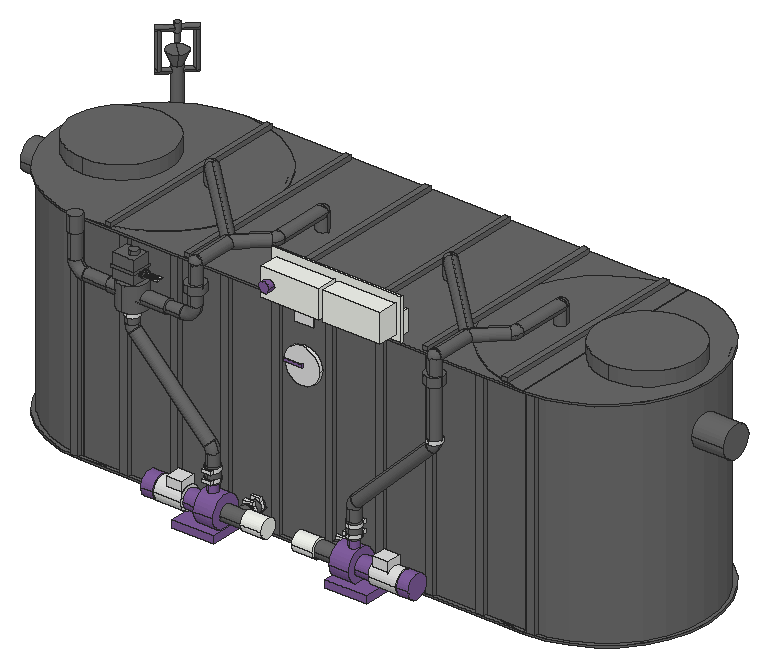
Revit family "93020.01_pvs 0", category Generic Models, Revit 2021
Family settings
  Can host rebar = No
  Round Connector Dimension = Use Diameter
  Part Type = Normal
  Work Plane-Based = No
  Always vertical = Yes
  Cut with Voids When Loaded = No
  Shared = Yes
  Room Calculation Point = No
Parameters (values of type "93020.01_PVS")
  SUPPLIER = "KESSEL"
  SA810ID03 = "93020.01/PVS"
  SA71009ID06 = 3000 W
  SA71009ID05 = 3600 W
  SA71009ID04 = 2
  SA700ID17 = 1100 mm
  SA700ID14 = "ohne Angabe"
  SA700ID13 = 70 mm
  SA700ID09 = 1525 mm
  SA700ID08 = 1350 mm
  SA700ID07 = 4250 mm
  SA700ID06 = 2000
  SA700ID05 = 20
  SA700ID04 = "Grease separator EasyClean free NS 20, Auto Mix & Pump"
  SA500ID03 = "Sludge trap, integrated"
  SA400ID03 = "PE (Polyethylen)"
  SA250ID03 = "temperierte Umhausung"
  SA200ID03 = "free-standing set-up"
  SA100ID04 = "Abscheideranlage für Fette (Schlammfang und Fettabscheider)"
  NN = "EasyClean, Auto Mix & Pump grease separator"
  NBSYN = "$SA810ID03. $LODLEVEL."
  NB = "93020.01/PVS 0"
  Model = "93020.01/PVS"
  Manufacturer = "KESSEL"
  MIdent = "{$CADENAS_DATA/23d-libs/kessel/kessel_vdi_import/40/abscheideranlage20fuer20fette/easyclean_free_auto_mix_pump.prj},231 {STYP=ASS},{VTYP=3D},{NB=93020.01/PVS 0},{LINA=93020.01/PVS},{NN=EasyClean, Auto Mix & Pump grease separator},{DATE=20.12.2022 10:10:54},{GEOMDATE=17.11.2022 09:57:06},{VERSION=},{LINEID=120},{WBVAR=LODLEVEL},{WBNUMERIC=LODLEVEL}  {NB=93020.01/PVS 0},{LINA=93020.01/PVS},{KT=DUMMY},{PREVIEW=../../bilder/pb_yy_9302001pvs_7491.png},{SA700ID04=Fettabscheider EasyClean free NS 20, Auto Mix & Pump},{SA810ID06=},{SA010ID04=KESSEL AG},{SA810ID03=93020.01/PVS},{SA100ID04=Abscheideranlage für Fette (Schlammfang und Fettabscheider)},{SA200ID03=Freiaufstellung},{SA400ID03=PE (Polyethylen)},{SA500ID03=Schlammfang integriert},{SA700ID05=20.00},{SA700ID06=2000},{SA71009ID04=2},{SA71009ID05=3.60},{SA71009ID06=3.00},{SA250ID03=temperierte Umhausung},{SA700ID07=4250},{SA700ID09=1525},{SA700ID13=70},{SA700ID17=1100},{SA700ID08=1350},{SA810ID10=\\\"Der Abscheider für fetthaltiges Abwasser ist für die freie Aufstellung in frostgeschützten Räumen geeignet und verzichtet auf metallische Bauteile im Behälter. Der Sammelbehälter aus dauerhaft beständigem Kunststoff (PE) ist mit einem integrierten Schlammfang ausgestattet und besitzt Schrägen im Behälterboden für eine schnelle und saubere Entsorgung. Zwei geruchsdichte Deckel mit Schnellspannverschlüssen ermöglichen einen einfachen Zugang für Reinigungs- und Wartungsarbeiten.Das innovative Schredder-Mix-System mit integriertem Zerhacker übernimmt die Homogenisierung und Umwälzung des Behälterinhaltes. Die Reinigung und geruchsneutrale Entsorgung erfolgt dabei über eine außenliegende Pumpe mit 2-Wege-Ventil und Stellmotor, die mit einem Absperrschieber vom Behälter getrennt werden kann.Der vollautomatische Programmablauf wird durch ein anwenderfreundliches Schaltgerät mit mehrzeiliger Displayanzeige gesteuert, das über einen potentialfreien Kontakt in die Gebäudeleittechnik eingebunden werden kann. Über eine optional erhältliche Fernbedienung kann die Reinigung und Entsorgung von einer entfernten Stelle aus gestartet werden.Durch das individualisierbare Reinigungsprogramm mit Schnellwahlfunktion kann die Reinigung bedarfsgerecht an die örtlichen Gegebenheiten angepasst werden. Mithilfe einer vollautomatisierten Spülung der Trinkwasserleitungen kann die Einhaltung der Trinkwasser-Hygiene-Verordnung gewährleistet werden.Gewährleistung auf den Werkstoff PE 20 Jahre.Ausführung:Absperreinrichtung: jaEntsorgungsart: automatisches Entsorgungs- und ReinigungssystemEntsorgungseinrichtung: EntsorgungspumpeEntsorgungsvariante: Auto Mix & PumpFülleinrichtung nach DIN 1988: jaNenngröße (NS): 20Schauglas: jaSchredder-Mix-System: jaSonicControl: neinWasserversorgung: 2 Magnetventile 1\\\"\\\"Tragfähigkeit (DIN 19901): F3Lieferumfang: Storz-B-Kupplung R 2 1/2 \\\"\\\" für SaugwagenanschlussEinbausituation: freie AufstellungAllgemeine Merkmale:Material: PENorm: EN 1825: 2004, DIN 4040-100Abmessungen:Aufstellfläche Länge: 4.510 mmAufstellfläche Breite: 1.620 mmAufstellfläche Höhe: 1.555 mmEinbringmaß Länge: 4.250 mmEinbringmaß Breite: 1.350 mmEinbringmaß Höhe: 1.525 mmBehälter/Grundkörper:Zulauf Nennweite (DN): 200 mmZulauf Nennweite (DA): 200 mmAuslauf Nennweite (DN): 200Auslauf Nennweite (DA): 200Abstand Rohrsohle Zulauf zu Behälterboden: 1.100 mmAbstand Rohrsohle Auslauf zu Behälterboden: 1.030 mmAnschluss Zu-/Auslaufstutzen: PE-HD-Rohre nach DIN 19537, HT-Rohre nach DIN 19560, PP oder ASDruckabgang (DA): 75 mmDruckabgang (DN): 65 mmNenndruck (PN): 10Abdeckungsmerkmale:Abdeckungsart: DeckelAbdeckung Material: KunststoffAbdeckung Farbe: schwarzDichtheit: geruchsdichtVerriegelung: SchnellspannverschlussAbwasserinhalt:Abscheiderinhalt: 1.370 lGesamtvolumen: 3.370 lSchlammfanginhalt: 2.000 lSpeichermenge an Fett: 800 lFördereinrichtung:Pumpe: SPF 300 KE 2.0Anzahl Pumpen: 2Förderhöhe max.: 17 mFörderleistung max.: 60 m3/hBetriebsspannung: 400 VNetzfrequenz: 50 HzBetriebsart: S2 - 30 Min.Leistung P1: 3,6 kWLeistung P2: 3 kWDrehzahl: 2.850 U/minErforderliche Absicherung (Leitungsschutz): Absicherung über Schaltgerät 400 VFörderguttemperatur (dauerhaft) max.: 40 °CAnschlusstyp: DirektanschlussGewicht: 44 kgLaufrad Typ: Radiallaufrad mit ZerhackerLänge Netzanschlussleitung Pumpe: 5 mNennstrom: 6,2 ASchutzart Pumpe: IP 55Schutzklasse: ITyp Anschlussleitung Pumpe: H07RN-F 7G 1,5 mm2Temperaturüberwachung: integriertSteuerung:Schaltgerät: jaBetriebsspannung: 400 VNetzfrequenz: 50 HzSelbstdiagnosesystem (SDS): jaBatteriepufferung: neinMehrzeilige Displayanzeige: jaLogbuchfunktion: jaUSB-Schnittstelle: jaGSM-Schnittstelle: neinPotentialfreier Kontakt: jaErforderliche Absicherung (Leitungsschutz): C 16 AErforderliche Absicherung (RCD): 30 mAMotorschutz Schalter: jaSchutzart Schaltgerät: IP 54\\\"},{SA700ID14=ohne Angabe},{LODLEVEL=0},{CATEGORY3AA=EasyClean free Auto Mix & Pump},{CATEGORY3AB=},{CATEGORY3AC=},{CATEGORY3AD=},{CATEGORY3AE=},{CATEGORY3AF=},{BEZEICHNUNG=},{BREITE=0.0},{TIEFE=MIN},{HOEHE=MIN},{MASSE=MIN},{LOD_=0,'Low'},{LOD_DEU=0,'Low'},{LOD_3DB=93020.01/PVS_0},{DNIN1=200},{DNIN2=10},{DNIN3=10},{DNIN4=10},{DNIN5=10},{DNIN6=10},{DNIN7=10},{DNOUT1=200},{DNOUT2=MIN},{ISD=100},{ISD2=10},{SA960ID03=91},{SA960ID04=3L},{SA960ID08=http://www.kessel.de/info?han=93020.01/PVS},{SA010ID01=010},{SA010ID02=40},{SA010ID06=www.kessel.de},{SA010ID08=4026092000007},{SA100ID01=100},{SA100ID02=1},{SA740ID01=740},{SA200ID01=200},{SA200ID02=1},{SA250ID01=250},{SA250ID02=1},{SA400ID01=400},{SA400ID02=1},{SA500ID01=500},{SA500ID02=1},{SA700ID01=700},{SA700ID02=91},{SA700ID14_=0},{SA71009ID01=710.09},{SA71009ID02=1},{SA71009ID03=SPF 300 KE 2.0},{SA71009ID07=IP55},{SA71009ID08=1},{SA71009ID09=1},{SA71009ID10=60},{SA71009ID11=17},{SA810ID01=810},{SA810ID02=91},{SA810ID04=93020.01/PVS},{SA810ID07=91},{SA810ID14=PCE},{LINK=http://www.kessel.de/info?han=93020.01/PVS},{LINK_=http://www.kessel.de/info?han=93020.01/PVS},{LINK_DEU=http://www.kessel.de/info?han=93020.01/PVS}"
  LINK = "http://www.kessel.de/info?han=93020.01/PVS"
  LINA = "93020.01/PVS"
  Default Elevation = 0 mm
  CREATOR = "CADENAS GmbH"
  CATALOG = "KESSEL"
  BOMINFO = "LINA"
  ARTICLENO = "NB"
Reference planes
  plane 1 "Center (Front/Back)": y = 0
  plane 2: z = 0
  plane 3 "Center (Left/Right)": x = 0
Dimensions and locks
  aligned and locked: level to plane 2
Nested families
  nested 1: "93020.01_pvs 0_content" at (0, 0, 0), type "93020.01_PVS 0_Content"
  nested 2: "93020.01_pvs 0_part1_X0Y0" at (0, 0, 0), type "93020.01_PVS_PART1_X0Y0"
Connectors
  piping at (-2305, 0, 1200), diameter 200
    settings: on nested 2, index 1, connector inside diameter 609.6 mm, connector length 0 mm, flow factor 0, pipe flow 0.0 L/s, pressure drop 0.0 Pa, fitting loss kfactor 0, connector angle 0.00°, fixture units 0, engagement length 0 mm, angle of deflection 0.00°, flow configuration 0, flow direction 1, fitting loss method 2, system type 8, joint type 0, gender type 0, connector reference index -1, connector utility 0, adjustable connector no, is connector primary yes, connector description ""
  piping at (-1885.228, 660.772, 1832.25), diameter 10
    settings: on nested 2, index 2, connector inside diameter 609.6 mm, connector length 0 mm, flow factor 0, pipe flow 0.0 L/s, pressure drop 0.0 Pa, fitting loss kfactor 0, connector angle 0.00°, fixture units 0, engagement length 0 mm, angle of deflection 0.00°, flow configuration 0, flow direction 1, fitting loss method 2, system type 8, joint type 0, gender type 0, connector reference index -1, connector utility 0, adjustable connector no, is connector primary no, connector description ""
  piping at (2305, 0, 1130), diameter 200
    settings: on nested 2, index 3, connector inside diameter 609.6 mm, connector length 0 mm, flow factor 0, pipe flow 0.0 L/s, pressure drop 0.0 Pa, fitting loss kfactor 0, connector angle 0.00°, fixture units 0, engagement length 0 mm, angle of deflection 0.00°, flow configuration 0, flow direction 2, fitting loss method 2, system type 7, joint type 0, gender type 0, connector reference index -1, connector utility 0, adjustable connector no, is connector primary no, connector description ""
  electrical at (670.003, -819.5, 248.5)
    settings: on nested 2, index 4, voltage 0 V, apparent load 0 VA, apparent load phase1 0 VA, apparent load phase2 0 VA, apparent load phase3 0 VA, power factor 1, load classification "Other", number of poles 1, system type 31, power factor state 1, is connector primary yes, connector utility no, sub classification motor no, connector description ""
  electrical at (-680.003, -820.5, 248.5)
    settings: on nested 2, index 5, voltage 0 V, apparent load 0 VA, apparent load phase1 0 VA, apparent load phase2 0 VA, apparent load phase3 0 VA, power factor 1, load classification "Other", number of poles 1, system type 31, power factor state 1, is connector primary no, connector utility no, sub classification motor no, connector description ""
Definition of nested family "93020.01_pvs 0_part1_X0Y0"
  Parameters (values of type "93020.01_PVS_PART1_X0Y0")
    SUPPLIER = "KESSEL"
    SA810ID03 = "93020.01/PVS"
    SA71009ID06 = 3000 W
    SA71009ID05 = 3600 W
    SA71009ID04 = 2
    SA700ID17 = 1100 mm
    SA700ID14 = "ohne Angabe"
    SA700ID13 = 70 mm
    SA700ID09 = 1525 mm
    SA700ID08 = 1350 mm
    SA700ID07 = 4250 mm
    SA700ID06 = 2000
    SA700ID05 = 20
    SA700ID04 = "Grease separator EasyClean free NS 20, Auto Mix & Pump"
    SA500ID03 = "Sludge trap, integrated"
    SA400ID03 = "PE (Polyethylen)"
    SA250ID03 = "temperierte Umhausung"
    SA200ID03 = "free-standing set-up"
    SA100ID04 = "Abscheideranlage für Fette (Schlammfang und Fettabscheider)"
    NBSYN = "$SA810ID03. $LODLEVEL._PART1"
    NB = "93020.01/PVS 0_PART1"
    Model = "93020.01/PVS_PART1"
    Manufacturer = "KESSEL"
    MIdent = "{$CADENAS_DATA/23d-libs/kessel/kessel_vdi_import/40/abscheideranlage20fuer20fette/easyclean_free_auto_mix_pump.prj},251 {VTYP=3D},{NB=93020.01/PVS 0_PART1},{LINA=93020.01/PVS_PART1},{NN=EasyClean, Auto Mix & Pump grease separator_PART1},{NOPRJ=TRUE},{DATE=20.12.2022 10:10:54},{GEOMDATE=17.11.2022 09:57:06},{VERSION=},{LINEID=120},{WBVAR=LODLEVEL},{WBNUMERIC=LODLEVEL}  {NB=93020.01/PVS 0_PART1},{LINA=93020.01/PVS_PART1},{KT=DUMMY},{PREVIEW=../../bilder/pb_yy_9302001pvs_7491.png},{SA700ID04=Fettabscheider EasyClean free NS 20, Auto Mix & Pump},{SA810ID06=},{SA010ID04=KESSEL AG},{SA810ID03=93020.01/PVS},{SA100ID04=Abscheideranlage für Fette (Schlammfang und Fettabscheider)},{SA200ID03=Freiaufstellung},{SA400ID03=PE (Polyethylen)},{SA500ID03=Schlammfang integriert},{SA700ID05=20.00},{SA700ID06=2000},{SA71009ID04=2},{SA71009ID05=3.60},{SA71009ID06=3.00},{SA250ID03=temperierte Umhausung},{SA700ID07=4250},{SA700ID09=1525},{SA700ID13=70},{SA700ID17=1100},{SA700ID08=1350},{SA810ID10=\\\"Der Abscheider für fetthaltiges Abwasser ist für die freie Aufstellung in frostgeschützten Räumen geeignet und verzichtet auf metallische Bauteile im Behälter. Der Sammelbehälter aus dauerhaft beständigem Kunststoff (PE) ist mit einem integrierten Schlammfang ausgestattet und besitzt Schrägen im Behälterboden für eine schnelle und saubere Entsorgung. Zwei geruchsdichte Deckel mit Schnellspannverschlüssen ermöglichen einen einfachen Zugang für Reinigungs- und Wartungsarbeiten.Das innovative Schredder-Mix-System mit integriertem Zerhacker übernimmt die Homogenisierung und Umwälzung des Behälterinhaltes. Die Reinigung und geruchsneutrale Entsorgung erfolgt dabei über eine außenliegende Pumpe mit 2-Wege-Ventil und Stellmotor, die mit einem Absperrschieber vom Behälter getrennt werden kann.Der vollautomatische Programmablauf wird durch ein anwenderfreundliches Schaltgerät mit mehrzeiliger Displayanzeige gesteuert, das über einen potentialfreien Kontakt in die Gebäudeleittechnik eingebunden werden kann. Über eine optional erhältliche Fernbedienung kann die Reinigung und Entsorgung von einer entfernten Stelle aus gestartet werden.Durch das individualisierbare Reinigungsprogramm mit Schnellwahlfunktion kann die Reinigung bedarfsgerecht an die örtlichen Gegebenheiten angepasst werden. Mithilfe einer vollautomatisierten Spülung der Trinkwasserleitungen kann die Einhaltung der Trinkwasser-Hygiene-Verordnung gewährleistet werden.Gewährleistung auf den Werkstoff PE 20 Jahre.Ausführung:Absperreinrichtung: jaEntsorgungsart: automatisches Entsorgungs- und ReinigungssystemEntsorgungseinrichtung: EntsorgungspumpeEntsorgungsvariante: Auto Mix & PumpFülleinrichtung nach DIN 1988: jaNenngröße (NS): 20Schauglas: jaSchredder-Mix-System: jaSonicControl: neinWasserversorgung: 2 Magnetventile 1\\\"\\\"Tragfähigkeit (DIN 19901): F3Lieferumfang: Storz-B-Kupplung R 2 1/2 \\\"\\\" für SaugwagenanschlussEinbausituation: freie AufstellungAllgemeine Merkmale:Material: PENorm: EN 1825: 2004, DIN 4040-100Abmessungen:Aufstellfläche Länge: 4.510 mmAufstellfläche Breite: 1.620 mmAufstellfläche Höhe: 1.555 mmEinbringmaß Länge: 4.250 mmEinbringmaß Breite: 1.350 mmEinbringmaß Höhe: 1.525 mmBehälter/Grundkörper:Zulauf Nennweite (DN): 200 mmZulauf Nennweite (DA): 200 mmAuslauf Nennweite (DN): 200Auslauf Nennweite (DA): 200Abstand Rohrsohle Zulauf zu Behälterboden: 1.100 mmAbstand Rohrsohle Auslauf zu Behälterboden: 1.030 mmAnschluss Zu-/Auslaufstutzen: PE-HD-Rohre nach DIN 19537, HT-Rohre nach DIN 19560, PP oder ASDruckabgang (DA): 75 mmDruckabgang (DN): 65 mmNenndruck (PN): 10Abdeckungsmerkmale:Abdeckungsart: DeckelAbdeckung Material: KunststoffAbdeckung Farbe: schwarzDichtheit: geruchsdichtVerriegelung: SchnellspannverschlussAbwasserinhalt:Abscheiderinhalt: 1.370 lGesamtvolumen: 3.370 lSchlammfanginhalt: 2.000 lSpeichermenge an Fett: 800 lFördereinrichtung:Pumpe: SPF 300 KE 2.0Anzahl Pumpen: 2Förderhöhe max.: 17 mFörderleistung max.: 60 m3/hBetriebsspannung: 400 VNetzfrequenz: 50 HzBetriebsart: S2 - 30 Min.Leistung P1: 3,6 kWLeistung P2: 3 kWDrehzahl: 2.850 U/minErforderliche Absicherung (Leitungsschutz): Absicherung über Schaltgerät 400 VFörderguttemperatur (dauerhaft) max.: 40 °CAnschlusstyp: DirektanschlussGewicht: 44 kgLaufrad Typ: Radiallaufrad mit ZerhackerLänge Netzanschlussleitung Pumpe: 5 mNennstrom: 6,2 ASchutzart Pumpe: IP 55Schutzklasse: ITyp Anschlussleitung Pumpe: H07RN-F 7G 1,5 mm2Temperaturüberwachung: integriertSteuerung:Schaltgerät: jaBetriebsspannung: 400 VNetzfrequenz: 50 HzSelbstdiagnosesystem (SDS): jaBatteriepufferung: neinMehrzeilige Displayanzeige: jaLogbuchfunktion: jaUSB-Schnittstelle: jaGSM-Schnittstelle: neinPotentialfreier Kontakt: jaErforderliche Absicherung (Leitungsschutz): C 16 AErforderliche Absicherung (RCD): 30 mAMotorschutz Schalter: jaSchutzart Schaltgerät: IP 54\\\"},{SA700ID14=ohne Angabe},{LODLEVEL=0},{CATEGORY3AA=EasyClean free Auto Mix & Pump},{CATEGORY3AB=},{CATEGORY3AC=},{CATEGORY3AD=},{CATEGORY3AE=},{CATEGORY3AF=},{BEZEICHNUNG=},{BREITE=0.0},{TIEFE=MIN},{HOEHE=MIN},{MASSE=MIN},{LOD_=0,'Low'},{LOD_DEU=0,'Low'},{LOD_3DB=93020.01/PVS_0},{DNIN1=200},{DNIN2=10},{DNIN3=10},{DNIN4=10},{DNIN5=10},{DNIN6=10},{DNIN7=10},{DNOUT1=200},{DNOUT2=MIN},{ISD=100},{ISD2=10},{SA960ID03=91},{SA960ID04=3L},{SA960ID08=http://www.kessel.de/info?han=93020.01/PVS},{SA010ID01=010},{SA010ID02=40},{SA010ID06=www.kessel.de},{SA010ID08=4026092000007},{SA100ID01=100},{SA100ID02=1},{SA740ID01=740},{SA200ID01=200},{SA200ID02=1},{SA250ID01=250},{SA250ID02=1},{SA400ID01=400},{SA400ID02=1},{SA500ID01=500},{SA500ID02=1},{SA700ID01=700},{SA700ID02=91},{SA700ID14_=0},{SA71009ID01=710.09},{SA71009ID02=1},{SA71009ID03=SPF 300 KE 2.0},{SA71009ID07=IP55},{SA71009ID08=1},{SA71009ID09=1},{SA71009ID10=60},{SA71009ID11=17},{SA810ID01=810},{SA810ID02=91},{SA810ID04=93020.01/PVS},{SA810ID07=91},{SA810ID14=PCE},{LINK=http://www.kessel.de/info?han=93020.01/PVS},{LINK_=http://www.kessel.de/info?han=93020.01/PVS},{LINK_DEU=http://www.kessel.de/info?han=93020.01/PVS}"
    LINK = "http://www.kessel.de/info?han=93020.01/PVS"
    LINA = "93020.01/PVS_PART1"
    Default Elevation = 1219.2 mm
    CREATOR = "CADENAS GmbH"
    CATALOG = "KESSEL"
    BOMINFO = "LINA"
    ARTICLENO = "NB"
  Reference planes
    plane 1 "Center (Front/Back)": y = 0
    plane 2: z = 0
    plane 3 "Center (Left/Right)": x = 0
  Dimensions and locks
    aligned and locked: level to plane 2
  Nested families
    nested 1: "93020.01_pvs 0_part1_content" at (0, 0, 0), type "93020.01_PVS 0_PART1_Content"
  Definition of nested family "93020.01_pvs 0_part1_content"
    Parameters (values of type "93020.01_PVS 0_PART1_Content")
      SUPPLIER = "KESSEL"
      SA810ID03 = "93020.01/PVS"
      SA71009ID06 = 3000 W
      SA71009ID05 = 3600 W
      SA71009ID04 = 2
      SA700ID17 = 1100 mm
      SA700ID14 = "ohne Angabe"
      SA700ID13 = 70 mm
      SA700ID09 = 1525 mm
      SA700ID08 = 1350 mm
      SA700ID07 = 4250 mm
      SA700ID06 = 2000
      SA700ID05 = 20
      SA700ID04 = "Grease separator EasyClean free NS 20, Auto Mix & Pump"
      SA500ID03 = "Sludge trap, integrated"
      SA400ID03 = "PE (Polyethylen)"
      SA250ID03 = "temperierte Umhausung"
      SA200ID03 = "free-standing set-up"
      SA100ID04 = "Abscheideranlage für Fette (Schlammfang und Fettabscheider)"
      NBSYN = "$SA810ID03. $LODLEVEL._PART1"
      NB = "93020.01/PVS 0_PART1"
      Model = "93020.01/PVS_PART1"
      Manufacturer = "KESSEL"
      LINK = "http://www.kessel.de/info?han=93020.01/PVS"
      LINA = "93020.01/PVS_PART1"
      Default Elevation = 1219.2 mm
      CREATOR = "CADENAS GmbH"
      CATALOG = "KESSEL"
      BOMINFO = "LINA"
      ARTICLENO = "NB"
    Reference planes
      plane 1 "Center (Front/Back)": y = 0
      plane 2: z = 0
      plane 3 "Center (Left/Right)": x = 0
    Forms (mm)
      Extrusion 1, solid, detail levels medium+fine
        sketch origin (1450, 675, 0) x (0, -1, 0) y (0, 0, 1)
          loop
            line (0, 12) -> (0, 0) -> (1350, 0) -> (1350, 12) -> (0, 12)
        from 0 to 2900
      Extrusion 2, solid, detail levels medium+fine
        sketch origin (1450, 650, 12) x (0, -1, 0) y (0, 0, 1)
          loop
            line (0, 1403) -> (0, 0) -> (1300, 0) -> (1300, 1403) -> (0, 1403)
        from 0 to 2900
      Extrusion 3, solid, detail levels medium+fine
        sketch origin (150, -670, 12) x (0, 1, 0) y (0, 0, 1)
          loop
            line (0, 1403) -> (0, 0) -> (25, 0) -> (25, 1403) -> (0, 1403)
        from 0 to 50
      Extrusion 4, solid, detail levels medium+fine
        sketch origin (-150, -645, 12) x (0, -1, 0) y (0, 0, 1)
          loop
            line (0, 1403) -> (0, 0) -> (25, 0) -> (25, 1403) -> (0, 1403)
        from 0 to 50
      Extrusion 5, solid, detail levels medium+fine
        sketch origin (150, 650, 12) x (0, 1, 0) y (0, 0, 1)
          loop
            line (0, 1403) -> (0, 0) -> (25, 0) -> (25, 1403) -> (0, 1403)
        from 0 to 50
      Extrusion 6, solid, detail levels medium+fine
        sketch origin (-150, 675, 12) x (0, -1, 0) y (0, 0, 1)
          loop
            line (0, 1403) -> (0, 0) -> (25, 0) -> (25, 1403) -> (0, 1403)
        from 0 to 50
      Extrusion 7, solid, detail levels medium+fine
        sketch origin (1450, 675, 1415) x (0, -1, 0) y (0, 0, 1)
          loop
            line (0, 12) -> (0, 0) -> (1350, 0) -> (1350, 12) -> (0, 12)
        from 0 to 2900
      Extrusion 8, solid, detail levels medium+fine
        sketch origin (-260, -660, 1452) x (1, 0, 0) y (0, -1, 0)
          loop
            line (35, 0) -> (0, 0) -> (0, -1320) -> (35, -1320) -> (35, 0)
        from 0 to 35
      Extrusion 9, solid, detail levels medium+fine
        sketch origin (260, -660, 1452) x (1, 0, 0) y (0, -1, 0)
          loop
            line (35, 0) -> (0, 0) -> (0, -1320) -> (35, -1320) -> (35, 0)
        from 0 to 35
      Revolve 10, solid, detail levels medium+fine
        sketch origin (-407.717, 0.033, 1533) x (-1, 0.000001, 0) y (0, 0, -1)
          loop
            line (0, 150) -> (0, -37.5)
            arc (0, -37.5) -> (26.517, -26.517) -> (37.5, 0) r 37.5
            line (37.5, 0) -> (37.5, 150) -> (0, 150)
          axis (0, -37.5) -> (0, 150)
        angle from -360 to 0
      Extrusion 11, solid, detail levels medium+fine
        sketch origin (-407.7, -351.7, 1533) x (-1, 0, 0) y (0, 0, 1)
          loop
            circle (0, 0) r 37.5
        from 0 to 351.75
      Revolve 12, solid, detail levels medium+fine
        sketch origin (423.6, 13.15, 1533) x (-1, 0, 0) y (0, 0, -1)
          loop
            line (0, 150) -> (0, -37.5)
            arc (0, -37.5) -> (26.517, -26.517) -> (37.5, 0) r 37.5
            line (37.5, 0) -> (37.5, 150) -> (0, 150)
          axis (0, -37.5) -> (0, 150)
        angle from -360 to 0
      Extrusion 13, solid, detail levels medium+fine
        sketch origin (985.6, -549, 1533) x (0, 0, 1) y (0.707107, 0.707107, 0)
          loop
            circle (0, 0) r 37.5
        from 0 to 794
      Extrusion 14, solid, detail levels medium+fine
        sketch origin (591, -663, 1415) x (0, 1, 0) y (0, 0, 1)
          loop
            line (0, 145) -> (0, 0) -> (100, 0) -> (100, 145) -> (0, 145)
        from 0 to 12
      Extrusion 15, solid, detail levels medium+fine
        sketch origin (650, -661.5, 1415) x (0, -1, 0) y (0, 0, 1)
          loop
            line (0, 280) -> (0, 0) -> (12.2, 0) -> (12.2, 280) -> (0, 280)
        from 0 to 850.5
      Extrusion 16, solid, detail levels medium+fine
        sketch origin (212, -673.7, 1463) x (0, -1, 0) y (0, 0, 1)
          loop
            line (0, 183) -> (0, 0) -> (129.5, 0) -> (129.5, 183) -> (0, 183)
        from 0 to 378
      Extrusion 17, solid, detail levels medium+fine
        sketch origin (-82, -742.5, 1441) x (0, 1, 0) y (-1, 0, 0)
          loop
            circle (0, 0) r 15
        from 0 to 22
      Extrusion 18, solid, detail levels medium+fine
        sketch origin (-115.998, -804.5, 1554.5) x (1, 0, 0) y (0, 0, 1)
          loop
            circle (0, 0) r 33.5
        from -36 to 36
      Extrusion 19, solid, detail levels medium+fine
        sketch origin (-127, -742.5, 1441) x (0, 1, 0) y (-1, 0, 0)
          loop
            circle (0, 0) r 15
        from 0 to 22
      Extrusion 20, solid, detail levels medium+fine
        sketch origin (616, -673.7, 1463) x (0, -1, 0) y (0, 0, 1)
          loop
            line (0, 183) -> (0, 0) -> (129.5, 0) -> (129.5, 183) -> (0, 183)
        from 0 to 378
      Extrusion 21, solid, detail levels medium+fine
        sketch origin (-141, -663, 1415) x (0, 1, 0) y (0, 0, 1)
          loop
            line (0, 145) -> (0, 0) -> (100, 0) -> (100, 145) -> (0, 145)
        from 0 to 12
      Extrusion 22, solid, detail levels medium+fine
        sketch origin (985.753, -549, 1533) x (0, 0, 1) y (0.707107, -0.707107, 0)
          loop
            circle (0, 0) r 37.5
        from 0 to 219
      Revolve 23, solid, detail levels medium+fine
        sketch origin (1140.6, -394.15, 1533) x (-0.707107, 0.707107, 0) y (0, 0, 1)
          loop
            circle (0, 0) r 37
          axis (60, 0) -> (60, -1)
        angle from -45 to 0
      Extrusion 24, solid, detail levels medium+fine
        sketch origin (985.7, -820, 1533) x (0, 0, -1) y (-1, 0, 0)
          loop
            circle (0, 0) r 37.5
        from 0 to 270
      Revolve 25, solid, detail levels medium+fine
        sketch origin (985.7, -820, 1533) x (0, 0, -1) y (-1, 0, 0)
          loop
            line (0, 37.5) -> (0, -37.5)
            arc (0, -37.5) -> (37.5, 0) -> (0, 37.5) r 37.5
          axis (0, -37.5) -> (0, 37.5)
        angle from -360 to 0
      Extrusion 26, solid, detail levels medium+fine
        sketch origin (985.6, -820, 1037.3) x (0, -1, 0) y (1, 0, 0)
          loop
            circle (0, 0) r 37.5
        from 0 to 495.75
      Extrusion 27, solid, detail levels medium+fine
        sketch origin (985.65, -820, 1374.603) x (0, -1, 0) y (1, 0, 0)
          loop
            circle (0, 0) r 60
        from 0 to 55
      Extrusion 28, solid, detail levels medium+fine
        sketch origin (985.65, -820, 1029.853) x (0, -1, 0) y (1, 0, 0)
          loop
            circle (0, 0) r 45
        from 0 to 20
      Revolve 29, solid, detail levels medium+fine
        sketch origin (968.076, -820, 994.926) x (-0.707107, 0, 0.707107) y (0, -1, 0)
          loop
            circle (0, 0) r 37
          axis (60, 0) -> (60, -1)
        angle from -45 to 0
      Extrusion 30, solid, detail levels medium+fine
        sketch origin (475.5, -820, 502.5) x (0.5, 0.707107, -0.5) y (-0.5, 0.707107, 0.5)
          loop
            circle (0, 0) r 37.5
        from 0 to 697
      Revolve 31, solid, detail levels medium+fine
        sketch origin (458, -820, 460) x (1, 0, 0) y (0, 1, 0)
          loop
            circle (0, 0) r 37
          axis (60, 0) -> (60, -1)
        angle from -45 to 0
      Extrusion 32, solid, detail levels medium+fine
        sketch origin (458.003, -820, 384) x (0, -1, 0) y (1, 0, 0)
          loop
            circle (0, 0) r 37.5
        from 0 to 76
      Extrusion 33, solid, detail levels medium+fine
        sketch origin (458.003, -820, 284) x (0, -1, 0) y (1, 0, 0)
          loop
            circle (0, 0) r 42
        from 0 to 100
      Extrusion 34, solid, detail levels medium+fine
        sketch origin (458.003, -820, 294) x (0, -1, 0) y (1, 0, 0)
          loop
            circle (0, 0) r 45
        from 0 to 20
      Extrusion 35, solid, detail levels medium+fine
        sketch origin (458.003, -820, 354) x (0, -1, 0) y (1, 0, 0)
          loop
            circle (0, 0) r 45
        from 0 to 20
      Extrusion 36, solid, detail levels medium+fine
        sketch origin (488.003, -789, 314) x (0, 0, -1) y (-1, 0, 0)
          loop
            line (0, 60) -> (0, 0) -> (20, 0) -> (20, 60) -> (0, 60)
        from 0 to 25
      Extrusion 37, solid, detail levels medium+fine
        sketch origin (488.003, -789, 374) x (0, 0, -1) y (-1, 0, 0)
          loop
            line (0, 60) -> (0, 0) -> (20, 0) -> (20, 60) -> (0, 60)
        from 0 to 25
      Extrusion 38, solid, detail levels medium+fine
        sketch origin (458.003, -820, 284) x (1, 0, 0) y (0, -1, 0)
          loop
            circle (0, 0) r 31.5
        from 0 to 149
      Extrusion 39, solid, detail levels medium+fine
        sketch origin (505.003, -820, 135) x (0, -1, 0) y (0, 0, 1)
          loop
            circle (0, 0) r 101
        from 0 to 129.5
      Extrusion 40, solid, detail levels medium+fine
        sketch origin (610.003, -820, 135) x (0, -1, 0) y (0, 0, 1)
          loop
            circle (0, 0) r 60
        from 0 to 110
      Extrusion 41, solid, detail levels medium+fine
        sketch origin (360.503, -934, 0) x (0, 1, 0) y (0, 0, 1)
          loop
            line (0, 48) -> (0, 0) -> (230, 0) -> (230, 48) -> (0, 48)
        from 0 to 272
      Extrusion 42, solid, detail levels medium+fine
        sketch origin (375.503, -820, 135) x (0, -1, 0) y (0, 0, 1)
          loop
            circle (0, 0) r 50
        from 0 to 145
      Extrusion 43, solid, detail levels medium+fine
        sketch origin (303.253, -624, 135) x (1, 0, 0) y (0, 0, 1)
          loop
            circle (0, 0) r 40
        from 0 to 196
      Extrusion 44, solid, detail levels medium+fine
        sketch origin (303.253, -741.5, 135) x (0, 0, -1) y (-1, 0, 0)
          loop
            circle (0, 0) r 45
        from 0 to 20
      Extrusion 45, solid, detail levels medium+fine
        sketch origin (303.253, -751.5, 135) x (0, 0, -1) y (-1, 0, 0)
          loop
            circle (0, 0) r 42
        from 0 to 100
      Extrusion 46, solid, detail levels medium+fine
        sketch origin (303.253, -681.5, 135) x (0, 0, -1) y (-1, 0, 0)
          loop
            circle (0, 0) r 45
        from 0 to 20
      Extrusion 47, solid, detail levels medium+fine
        sketch origin (273.253, -721.5, 166) x (0, -1, 0) y (1, 0, 0)
          loop
            line (0, 60) -> (0, 0) -> (20, 0) -> (20, 60) -> (0, 60)
        from 0 to 25
      Extrusion 48, solid, detail levels medium+fine
        sketch origin (273.253, -661.5, 166) x (0, -1, 0) y (1, 0, 0)
          loop
            line (0, 60) -> (0, 0) -> (20, 0) -> (20, 60) -> (0, 60)
        from 0 to 25
      Extrusion 49, solid, detail levels medium+fine
        sketch origin (231.003, -820, 135) x (0, -1, 0) y (0, 0, 1)
          loop
            circle (0, 0) r 58.5
        from 0 to 135.5
      Extrusion 50, solid, detail levels medium+fine
        sketch origin (791.003, -820, 135) x (0, -1, 0) y (0, 0, 1)
          loop
            circle (0, 0) r 73.5
        from 0 to 181
      Extrusion 51, solid, detail levels medium+fine
        sketch origin (720.003, -769.5, 188.5) x (0, -1, 0) y (0, 0, 1)
          loop
            line (0, -20) -> (100, -20) -> (100, 60) -> (0, 60) -> (0, -20)
        from 0 to 100
      Extrusion 52, solid, detail levels medium+fine
        sketch origin (871.003, -820, 135) x (0, -1, 0) y (0, 0, 1)
          loop
            circle (0, 0) r 73.6
        from 0 to 80
      Extrusion 53, solid, detail levels medium+fine
        sketch origin (0, -650, 1060) x (1, 0, 0) y (0, 0, 1)
          loop
            circle (0, 0) r 115
        from 0 to 20
      Extrusion 54, solid, detail levels medium+fine
        sketch origin (0, -670, 1050) x (0, -1, 0) y (0, 0, 1)
          loop
            line (0, 20) -> (0, 0) -> (5, 0) -> (5, 20) -> (0, 20)
        from 0 to 120
      Extrusion 55, solid, detail levels medium+fine
        sketch origin (-780, -660, 1452) x (1, 0, 0) y (0, -1, 0)
          loop
            line (35, 0) -> (0, 0) -> (0, -1320) -> (35, -1320) -> (35, 0)
        from 0 to 35
      Extrusion 56, solid, detail levels medium+fine
        sketch origin (-1450, 0, 1415) x (0, 1, 0) y (-1, 0, 0)
          loop
            circle (0, 0) r 675
        from 0 to 12
      Extrusion 57, solid, detail levels medium+fine
        sketch origin (-1300, -660, 1452) x (1, 0, 0) y (0, -1, 0)
          loop
            line (35, 0) -> (0, 0) -> (0, -1320) -> (35, -1320) -> (35, 0)
        from 0 to 35
      Extrusion 58, solid, detail levels medium+fine
        sketch origin (-1725, 0, 1427) x (0, 1, 0) y (-1, 0, 0)
          loop
            circle (0, 0) r 315
        from 0 to 90.5
      Revolve 59, solid, detail levels medium+fine
        sketch origin (-1142.297, 13.15, 1533) x (-1, 0.000001, 0) y (0, 0, -1)
          loop
            line (0, 150) -> (0, -37.5)
            arc (0, -37.5) -> (26.517, -26.517) -> (37.5, 0) r 37.5
            line (37.5, 0) -> (37.5, 150) -> (0, 150)
          axis (0, -37.5) -> (0, 150)
        angle from -360 to 0
      Extrusion 60, solid, detail levels medium+fine
        sketch origin (-580.2, -549, 1533) x (0, 0, 1) y (0.707107, 0.707107, 0)
          loop
            circle (0, 0) r 38
        from 0 to 795
      Extrusion 61, solid, detail levels medium+fine
        sketch origin (-580.147, -549, 1533) x (0, 0, 1) y (0.707107, -0.707107, 0)
          loop
            circle (0, 0) r 37.5
        from 0 to 219
      Revolve 62, solid, detail levels medium+fine
        sketch origin (-425.3, -394.1, 1533) x (-0.707107, 0.707107, 0) y (0, 0, 1)
          loop
            circle (0, 0) r 37
          axis (60, 0) -> (60, -1)
        angle from -45 to 0
      Extrusion 63, solid, detail levels medium+fine
        sketch origin (-580.147, -820, 1533) x (0, 0, -1) y (-1, 0, 0)
          loop
            circle (0, 0) r 37.5
        from 0 to 270
      Revolve 64, solid, detail levels medium+fine
        sketch origin (-580.25, -820, 1533) x (0, -1, 0) y (1, 0, 0)
          loop
            line (0, 37.5) -> (0, -37.5)
            arc (0, -37.5) -> (37.5, 0) -> (0, 37.5) r 37.5
          axis (0, -37.5) -> (0, 37.5)
        angle from -360 to 0
      Extrusion 65, solid, detail levels medium+fine
        sketch origin (-580.25, -820, 1377) x (0, 1, 0) y (-1, 0, 0)
          loop
            circle (0, 0) r 37.5
        from 0 to 156
      Extrusion 66, solid, detail levels medium+fine
        sketch origin (-580.25, -820, 1365.25) x (0, 1, 0) y (-1, 0, 0)
          loop
            circle (0, 0) r 61.5
        from 0 to 50
      Extrusion 67, solid, detail levels medium+fine
        sketch origin (-580.153, -823, 1287.021) x (0, 1, 0) y (-1, 0, 0)
          loop
            circle (0, 0) r 37.5
        from 0 to 90
      Extrusion 68, solid, detail levels medium+fine
        sketch origin (-1450, 0, 12) x (0, 1, 0) y (-1, 0, 0)
          loop
            circle (0, 0) r 650
        from 0 to 1403
      Extrusion 69, solid, detail levels medium+fine
        sketch origin (-1470, -645, 12) x (0, -1, 0) y (0, 0, 1)
          loop
            line (0, 1403) -> (0, 0) -> (25, 0) -> (25, 1403) -> (0, 1403)
        from 0 to 50
      Extrusion 70, solid, detail levels medium+fine
        sketch origin (-1470, 670, 12) x (0, -1, 0) y (0, 0, 1)
          loop
            line (0, 1403) -> (0, 0) -> (25, 0) -> (25, 1403) -> (0, 1403)
        from 0 to 50
      Extrusion 71, solid, detail levels medium+fine
        sketch origin (-1450, 0, 0) x (0, 1, 0) y (-1, 0, 0)
          loop
            circle (0, 0) r 675
        from 0 to 12
      Extrusion 72, solid, detail levels medium+fine
        sketch origin (-1140, -650, 12) x (0, -1, 0) y (0, 0, 1)
          loop
            line (0, 1403) -> (0, 0) -> (25, 0) -> (25, 1403) -> (0, 1403)
        from 0 to 50
      Extrusion 73, solid, detail levels medium+fine
        sketch origin (-1140, 675, 12) x (0, -1, 0) y (0, 0, 1)
          loop
            line (0, 1403) -> (0, 0) -> (25, 0) -> (25, 1403) -> (0, 1403)
        from 0 to 50
      Extrusion 74, solid, detail levels medium+fine
        sketch origin (-1902.552, 739.614, 1178.3) x (0.707107, -0.707107, 0) y (0, 0, 1)
          loop
            line (0, 29.3) -> (0, 0) -> (261, 0) -> (261, 29.3) -> (0, 29.3)
        from 0 to 88
      Extrusion 75, solid, detail levels medium+fine
        sketch origin (-1885.228, 660.772, 1062.1) x (-0.707107, -0.707107, 0) y (0.707107, -0.707107, 0)
          loop
            circle (0, 0) r 31.5
        from 0 to 526.6
      Extrusion 76, solid, detail levels medium+fine
        sketch origin (-1804.3, 742.4, 1553.4) x (0.707107, -0.707107, 0) y (0, 0, 1)
          loop
            circle (0, 0) r 15
        from 0 to 230
      Extrusion 77, solid, detail levels medium+fine
        sketch origin (-1956.3, 590.4, 1802.4) x (-0.707107, -0.707107, 0) y (-0.707107, 0.707107, 0)
          loop
            circle (0, 0) r 15
        from 0 to 249
      Revolve 78, solid, detail levels medium+fine
        sketch origin (-1885.228, 660.772, 1588.7) x (0, 0, 1) y (0.707107, -0.707107, 0)
          loop
            line (0, 0) -> (81, 0) -> (81, 65) -> (0, 31) -> (0, 0)
          axis (81, 0) -> (0, 0)
        angle from -360 to 0
      Extrusion 79, solid, detail levels medium+fine
        sketch origin (-1814.832, 731.876, 1802.416) x (-0.707107, -0.707107, 0) y (-0.707107, 0.707107, 0)
          loop
            circle (0, 0) r 15
        from 0 to 249
      Extrusion 80, solid, detail levels medium+fine
        sketch origin (-1804.25, 742.4, 1802.35) x (0.707107, -0.707107, 0) y (0, 0, 1)
          loop
            circle (0, 0) r 15
        from 0 to 230
      Extrusion 81, solid, detail levels medium+fine
        sketch origin (-1885.228, 660.772, 1780) x (-0.707107, -0.707107, 0) y (0.707107, -0.707107, 0)
          loop
            circle (0, 0) r 19.25
        from 0 to 52.25
      Extrusion 82, solid, detail levels medium+fine
        sketch origin (-1885.228, 660.772, 1722) x (-0.707107, -0.707107, 0) y (0.707107, -0.707107, 0)
          loop
            circle (0, 0) r 14
        from 0 to 58
      Revolve 83, solid, detail levels medium+fine
        sketch origin (-2023.114, 522.886, 1062.1) x (0.707107, -0.707107, 0) y (0.707107, 0.707107, 0)
          loop
            circle (0, 0) r 31.5
          axis (0, 97.5) -> (-1, 97.5)
        angle from 0 to 180
      Extrusion 84, solid, detail levels medium+fine
        sketch origin (-2023.114, 522.886, 1147.6) x (-0.707107, 0.707107, 0) y (0.707107, 0.707107, 0)
          loop
            circle (0, 0) r 31.5
        from 0 to 85.5
      Extrusion 85, solid, detail levels medium+fine
        sketch origin (780, -660, 1452) x (1, 0, 0) y (0, -1, 0)
          loop
            line (35, 0) -> (0, 0) -> (0, -1320) -> (35, -1320) -> (35, 0)
        from 0 to 35
      Extrusion 86, solid, detail levels medium+fine
        sketch origin (1450, 0, 1415) x (0, 1, 0) y (-1, 0, 0)
          loop
            circle (0, 0) r 675
        from 0 to 12
      Extrusion 87, solid, detail levels medium+fine
        sketch origin (1300, -660, 1452) x (1, 0, 0) y (0, -1, 0)
          loop
            line (35, 0) -> (0, 0) -> (0, -1320) -> (35, -1320) -> (35, 0)
        from 0 to 35
      Extrusion 88, solid, detail levels medium+fine
        sketch origin (1725, 0, 1427) x (0, 1, 0) y (-1, 0, 0)
          loop
            circle (0, 0) r 315
        from 0 to 90.5
      Extrusion 89, solid, detail levels medium+fine
        sketch origin (1158.183, 0.033, 1533) x (-1, 0, 0.000001) y (0, 1, 0)
          loop
            circle (0, 0) r 37.5
        from 0 to 107
      Revolve 90, solid, detail levels medium+fine
        sketch origin (1158.183, 0.033, 1533) x (-1, 0.000001, 0) y (0, 0, -1)
          loop
            line (0, 37.5) -> (0, -37.5)
            arc (0, -37.5) -> (37.5, 0) -> (0, 37.5) r 37.5
          axis (0, -37.5) -> (0, 37.5)
        angle from -360 to 0
      Extrusion 91, solid, detail levels medium+fine
        sketch origin (1158.183, -351.717, 1533) x (-1, -0.000001, 0) y (0, 0, 1)
          loop
            circle (0, 0) r 37.5
        from 0 to 350.75
      Extrusion 92, solid, detail levels medium+fine
        sketch origin (1450, 0, 12) x (0, 1, 0) y (-1, 0, 0)
          loop
            circle (0, 0) r 650
        from 0 to 1403
      Extrusion 93, solid, detail levels medium+fine
        sketch origin (1470, -670, 12) x (0, 1, 0) y (0, 0, 1)
          loop
            line (0, 1403) -> (0, 0) -> (25, 0) -> (25, 1403) -> (0, 1403)
        from 0 to 50
      Extrusion 94, solid, detail levels medium+fine
        sketch origin (1470, 645, 12) x (0, 1, 0) y (0, 0, 1)
          loop
            line (0, 1403) -> (0, 0) -> (25, 0) -> (25, 1403) -> (0, 1403)
        from 0 to 50
      Extrusion 95, solid, detail levels medium+fine
        sketch origin (1450, 0, 0) x (0, 1, 0) y (-1, 0, 0)
          loop
            circle (0, 0) r 675
        from 0 to 12
      Extrusion 96, solid, detail levels medium+fine
        sketch origin (1140, -675, 12) x (0, 1, 0) y (0, 0, 1)
          loop
            line (0, 1403) -> (0, 0) -> (25, 0) -> (25, 1403) -> (0, 1403)
        from 0 to 50
      Extrusion 97, solid, detail levels medium+fine
        sketch origin (1140, 650, 12) x (0, 1, 0) y (0, 0, 1)
          loop
            line (0, 1403) -> (0, 0) -> (25, 0) -> (25, 1403) -> (0, 1403)
        from 0 to 50
      Extrusion 98, solid, detail levels medium+fine
        sketch origin (480, -670, 12) x (0, 1, 0) y (0, 0, 1)
          loop
            line (0, 1403) -> (0, 0) -> (25, 0) -> (25, 1403) -> (0, 1403)
        from 0 to 50
      Extrusion 99, solid, detail levels medium+fine
        sketch origin (-480, -650, 12) x (0, -1, 0) y (0, 0, 1)
          loop
            line (0, 1403) -> (0, 0) -> (25, 0) -> (25, 1403) -> (0, 1403)
        from 0 to 50
      Extrusion 100, solid, detail levels medium+fine
        sketch origin (480, 650, 12) x (0, 1, 0) y (0, 0, 1)
          loop
            line (0, 1403) -> (0, 0) -> (25, 0) -> (25, 1403) -> (0, 1403)
        from 0 to 50
      Extrusion 101, solid, detail levels medium+fine
        sketch origin (-480, 675, 12) x (0, -1, 0) y (0, 0, 1)
          loop
            line (0, 1403) -> (0, 0) -> (25, 0) -> (25, 1403) -> (0, 1403)
        from 0 to 50
      Extrusion 102, solid, detail levels medium+fine
        sketch origin (-1980.688, 480.459, 1207.6) x (0, 0, -1) y (0.707107, 0.707107, 0)
          loop
            circle (0, 0) r 31.5
        from 0 to 73
      Revolve 103, solid, detail levels medium+fine
        sketch origin (-1980.688, 480.459, 1207.6) x (0, 0, -1) y (-0.707107, -0.707107, 0)
          loop
            circle (0, 0) r 31.5
          axis (60, 0) -> (60, -1)
        angle from -90 to 0
      Extrusion 104, solid, detail levels medium+fine
        sketch origin (2080, 0, 1130) x (0, 1, 0) y (0, 0, 1)
          loop
            circle (0, 0) r 100
        from 0 to 225
      Extrusion 105, solid, detail levels medium+fine
        sketch origin (-2080, 0, 1200) x (0, -1, 0) y (0, 0, 1)
          loop
            circle (0, 0) r 100
        from 0 to 225
      Extrusion 106, solid, detail levels medium+fine
        sketch origin (-60, -655, 1295) x (0, 1, 0) y (0, 0, 1)
          loop
            line (0, 70) -> (0, 0) -> (5, 0) -> (5, 70) -> (0, 70)
        from 0 to 120
      Extrusion 107, solid, detail levels medium+fine
        sketch origin (810, -675, 12) x (0, 1, 0) y (0, 0, 1)
          loop
            line (0, 1403) -> (0, 0) -> (25, 0) -> (25, 1403) -> (0, 1403)
        from 0 to 50
      Extrusion 108, solid, detail levels medium+fine
        sketch origin (-810, -650, 12) x (0, -1, 0) y (0, 0, 1)
          loop
            line (0, 1403) -> (0, 0) -> (25, 0) -> (25, 1403) -> (0, 1403)
        from 0 to 50
      Extrusion 109, solid, detail levels medium+fine
        sketch origin (810, 650, 12) x (0, 1, 0) y (0, 0, 1)
          loop
            line (0, 1403) -> (0, 0) -> (25, 0) -> (25, 1403) -> (0, 1403)
        from 0 to 50
      Extrusion 110, solid, detail levels medium+fine
        sketch origin (-810, 675, 12) x (0, -1, 0) y (0, 0, 1)
          loop
            line (0, 1403) -> (0, 0) -> (25, 0) -> (25, 1403) -> (0, 1403)
        from 0 to 50
      Extrusion 111, solid, detail levels medium+fine
        sketch origin (-301.253, -820, 135) x (-1, 0, 0) y (0, 0, 1)
          loop
            circle (0, 0) r 40
        from 0 to 196
      Extrusion 112, solid, detail levels medium+fine
        sketch origin (-301.253, -721.5, 135) x (0, 0, -1) y (1, 0, 0)
          loop
            circle (0, 0) r 45
        from 0 to 20
      Extrusion 113, solid, detail levels medium+fine
        sketch origin (-301.253, -651.5, 135) x (0, 0, -1) y (1, 0, 0)
          loop
            circle (0, 0) r 42
        from 0 to 100
      Extrusion 114, solid, detail levels medium+fine
        sketch origin (-301.253, -661.5, 135) x (0, 0, -1) y (1, 0, 0)
          loop
            circle (0, 0) r 45
        from 0 to 20
      Extrusion 115, solid, detail levels medium+fine
        sketch origin (-271.253, -741.5, 166) x (0, 1, 0) y (-1, 0, 0)
          loop
            line (0, 60) -> (0, 0) -> (20, 0) -> (20, 60) -> (0, 60)
        from 0 to 25
      Extrusion 116, solid, detail levels medium+fine
        sketch origin (-271.253, -681.5, 166) x (0, 1, 0) y (-1, 0, 0)
          loop
            line (0, 60) -> (0, 0) -> (20, 0) -> (20, 60) -> (0, 60)
        from 0 to 25
      Extrusion 117, solid, detail levels medium+fine
        sketch origin (-390.5, -820, 130.75) x (0, 1, 0) y (0, 0, 1)
          loop
            circle (0, 0) r 50
        from 0 to 149.5
      Extrusion 118, solid, detail levels medium+fine
        sketch origin (-515.003, -820, 135) x (0, 1, 0) y (0, 0, 1)
          loop
            circle (0, 0) r 101
        from 0 to 129.5
      Extrusion 119, solid, detail levels medium+fine
        sketch origin (-468.003, -820, 284) x (-1, 0, 0) y (0, 1, 0)
          loop
            circle (0, 0) r 31.5
        from 0 to 149
      Extrusion 120, solid, detail levels medium+fine
        sketch origin (-620.003, -820, 135) x (0, 1, 0) y (0, 0, 1)
          loop
            circle (0, 0) r 60
        from 0 to 105
      Extrusion 121, solid, detail levels medium+fine
        sketch origin (-370.503, -706, 0) x (0, -1, 0) y (0, 0, 1)
          loop
            line (0, 48) -> (0, 0) -> (230, 0) -> (230, 48) -> (0, 48)
        from 0 to 272
      Extrusion 122, solid, detail levels medium+fine
        sketch origin (-468.003, -820, 284) x (0, 1, 0) y (-1, 0, 0)
          loop
            circle (0, 0) r 42
        from 0 to 100
      Extrusion 123, solid, detail levels medium+fine
        sketch origin (-468.003, -820, 294) x (0, 1, 0) y (-1, 0, 0)
          loop
            circle (0, 0) r 45
        from 0 to 20
      Extrusion 124, solid, detail levels medium+fine
        sketch origin (-468.003, -820, 354) x (0, 1, 0) y (-1, 0, 0)
          loop
            circle (0, 0) r 45
        from 0 to 20
      Extrusion 125, solid, detail levels medium+fine
        sketch origin (-498.003, -851, 314) x (0, 0, -1) y (1, 0, 0)
          loop
            line (0, 60) -> (0, 0) -> (20, 0) -> (20, 60) -> (0, 60)
        from 0 to 25
      Extrusion 126, solid, detail levels medium+fine
        sketch origin (-498.003, -851, 374) x (0, 0, -1) y (1, 0, 0)
          loop
            line (0, 60) -> (0, 0) -> (20, 0) -> (20, 60) -> (0, 60)
        from 0 to 25
      Extrusion 127, solid, detail levels medium+fine
        sketch origin (-468.003, -820, 384) x (0, 1, 0) y (-1, 0, 0)
          loop
            circle (0, 0) r 37.5
        from 0 to 76
      Revolve 128, solid, detail levels medium+fine
        sketch origin (-468.003, -820, 460) x (-1, 0, 0) y (0, -1, 0)
          loop
            circle (0, 0) r 37
          axis (60, 0) -> (60, -1)
        angle from -45 to 0
      Extrusion 129, solid, detail levels medium+fine
        sketch origin (-241.003, -820, 135) x (0, 1, 0) y (0, 0, 1)
          loop
            circle (0, 0) r 58.5
        from 0 to 135.5
      Extrusion 130, solid, detail levels medium+fine
        sketch origin (-801.003, -820, 135) x (0, 1, 0) y (0, 0, 1)
          loop
            circle (0, 0) r 73.5
        from 0 to 181
      Extrusion 131, solid, detail levels medium+fine
        sketch origin (-730.003, -870.5, 188.5) x (0, 1, 0) y (0, 0, 1)
          loop
            line (0, -10) -> (100, -10) -> (100, 60) -> (0, 60) -> (0, -10)
        from 0 to 100
      Extrusion 132, solid, detail levels medium+fine
        sketch origin (-881.003, -820, 135) x (0, 1, 0) y (0, 0, 1)
          loop
            circle (0, 0) r 73.6
        from 0 to 80
      Extrusion 133, solid, detail levels medium+fine
        sketch origin (-485.577, -820, 502.426) x (-0.5, -0.707107, -0.5) y (0.5, -0.707107, 0.5)
          loop
            circle (0, 0) r 37.5
        from 0 to 696.6
      Revolve 134, solid, detail levels medium+fine
        sketch origin (-978.077, -820, 994.927) x (0.707107, 0, 0.707107) y (0, 1, 0)
          loop
            circle (0, 0) r 37
          axis (60, 0) -> (60, -1)
        angle from -45 to 0
      Extrusion 135, solid, detail levels medium+fine
        sketch origin (-995.65, -820, 1037.35) x (0, 1, 0) y (-1, 0, 0)
          loop
            circle (0, 0) r 37.5
        from 0 to 42.5
      Extrusion 136, solid, detail levels medium+fine
        sketch origin (-995.587, -820, 1079.773) x (0, 1, 0) y (-1, 0, 0)
          loop
            circle (0, 0) r 45
        from 0 to 40
      Extrusion 137, solid, detail levels medium+fine
        sketch origin (-995.587, -820, 1079.773) x (0, 1, 0) y (-1, 0, 0)
          loop
            circle (0, 0) r 37.5
        from 0 to 53.25
      Extrusion 138, solid, detail levels medium+fine
        sketch origin (-990.653, -823, 1133.021) x (0, 1, 0) y (-1, 0, 0)
          loop
            circle (0, 0) r 89.5
        from 0 to 158
      Extrusion 139, solid, detail levels medium+fine
        sketch origin (-943.653, -823, 1212.021) x (0, 1, 0) y (0, 0, -1)
          loop
            circle (0, 0) r 42.5
        from 0 to 190.5
      Extrusion 140, solid, detail levels medium+fine
        sketch origin (-943.653, -823, 1212.021) x (0, 1, 0) y (0, 0, 1)
          loop
            circle (0, 0) r 42.5
        from 0 to 190.5
      Extrusion 141, solid, detail levels medium+fine
        sketch origin (-753.153, -823, 1212.021) x (0, 1, 0) y (0, 0, 1)
          loop
            circle (0, 0) r 37.5
        from 0 to 98
      Revolve 142, solid, detail levels medium+fine
        sketch origin (-655.153, -823, 1212.021) x (0, 0, 1) y (0, -1, 0)
          loop
            circle (0, 0) r 37.5
          axis (75, 0) -> (75, -1)
        angle from -90 to 0
      Extrusion 143, solid, detail levels medium+fine
        sketch origin (-1075.903, -881, 1291.021) x (0, 1, 0) y (0, 0, 1)
          loop
            line (0, 152) -> (0, 0) -> (116, 0) -> (116, 152) -> (0, 152)
        from 0 to 140.5
      Extrusion 144, solid, detail levels medium+fine
        sketch origin (-1080.653, -887, 1356.521) x (0, 1, 0) y (0, 0, 1)
          loop
            line (0, 15.5) -> (0, 0) -> (128, 0) -> (128, 15.5) -> (0, 15.5)
        from 0 to 150
      Extrusion 145, solid, detail levels medium+fine
        sketch origin (-935.403, -807, 1348.521) x (0, 1, 0) y (0, 0, 1)
          loop
            circle (0, 0) r 12.5
        from 0 to 5.5
      Extrusion 146, solid, detail levels medium+fine
        sketch origin (-929.903, -807, 1348.521) x (0, 1, 0) y (0, 0, 1)
          loop
            circle (0, 0) r 10
        from 0 to 8.25
      Extrusion 147, solid, detail levels medium+fine
        sketch origin (-921.653, -807, 1348.521) x (0, 1, 0) y (0, 0, 1)
          loop
            line (-13.856, 0) -> (-6.928, -12) -> (6.928, -12) -> (13.856, 0) -> (6.928, 12) -> (-6.928, 12) -> (-13.856, 0)
        from 0 to 11.5
      Extrusion 148, solid, detail levels medium+fine
        sketch origin (-910.153, -807, 1348.521) x (0, 1, 0) y (0, 0, 1)
          loop
            circle (0, 0) r 13
        from 0 to 6
      Extrusion 149, solid, detail levels medium+fine
        sketch origin (-904.153, -807, 1348.521) x (0, 1, 0) y (0, 0, 1)
          loop
            circle (0, 0) r 4
        from 0 to 62.5
      Extrusion 150, solid, detail levels medium+fine
        sketch origin (-841.653, -807, 1348.521) x (0, 1, 0) y (0, 0, 1)
          loop
            circle (0, 0) r 3.5
        from 0 to 30
      Extrusion 151, solid, detail levels medium+fine
        sketch origin (-935.403, -839, 1348.521) x (0, 1, 0) y (0, 0, 1)
          loop
            circle (0, 0) r 12.5
        from 0 to 5.5
      Extrusion 152, solid, detail levels medium+fine
        sketch origin (-929.903, -839, 1348.521) x (0, 1, 0) y (0, 0, 1)
          loop
            circle (0, 0) r 10
        from 0 to 8.25
      Extrusion 153, solid, detail levels medium+fine
        sketch origin (-921.653, -839, 1348.521) x (0, 1, 0) y (0, 0, 1)
          loop
            line (-13.856, 0) -> (-6.928, -12) -> (6.928, -12) -> (13.856, 0) -> (6.928, 12) -> (-6.928, 12) -> (-13.856, 0)
        from 0 to 11.5
      Extrusion 154, solid, detail levels medium+fine
        sketch origin (-910.153, -839, 1348.521) x (0, 1, 0) y (0, 0, 1)
          loop
            circle (0, 0) r 13
        from 0 to 6
      Extrusion 155, solid, detail levels medium+fine
        sketch origin (-904.153, -839, 1348.521) x (0, 1, 0) y (0, 0, 1)
          loop
            circle (0, 0) r 4
        from 0 to 62.5
      Extrusion 156, solid, detail levels medium+fine
        sketch origin (-841.653, -839, 1348.521) x (0, 1, 0) y (0, 0, 1)
          loop
            circle (0, 0) r 3.5
        from 0 to 30
      Extrusion 157, solid, detail levels medium+fine
        sketch origin (-982.403, -823, 1443.021) x (0, 1, 0) y (-1, 0, 0)
          loop
            circle (0, 0) r 9
        from 0 to 4
      Extrusion 158, solid, detail levels medium+fine
        sketch origin (-982.403, -823, 1447.021) x (0, 1, 0) y (-1, 0, 0)
          loop
            circle (0, 0) r 28.5
        from 0 to 20
      Extrusion 159, solid, detail levels medium+fine
        sketch origin (-1075.903, -823, 1328.021) x (0, 1, 0) y (0, 0, -1)
          loop
            circle (0, 0) r 19
        from 0 to 19
      Extrusion 160, solid, detail levels medium+fine
        sketch origin (-1134.153, -823, 1212.021) x (0, 1, 0) y (0, 0, -1)
          loop
            circle (0, 0) r 37.5
        from 0 to 158
      Revolve 161, solid, detail levels medium+fine
        sketch origin (-1292.153, -823, 1212.021) x (0, 0, 1) y (0, 1, 0)
          loop
            circle (0, 0) r 37.5
          axis (75, 0) -> (75, -1)
        angle from -90 to 0
      Extrusion 162, solid, detail levels medium+fine
        sketch origin (-1367.153, -823, 1287.021) x (0, 1, 0) y (-1, 0, 0)
          loop
            circle (0, 0) r 37.5
        from 0 to 158
      Extrusion 163, solid, detail levels medium+fine
        sketch origin (-1367.153, -823, 1445.021) x (0, 1, 0) y (-1, 0, 0)
          loop
            circle (0, 0) r 42.5
        from 0 to 100
      Extrusion 164, solid, detail levels coarse
        sketch origin (0, -91.497, 0) x (1, 0, 0) y (0, 1, 0)
          loop
            line (-2305, -844.503) -> (2305, -844.503) -> (2305, 844.503) -> (-2305, 844.503) -> (-2305, -844.503)
        from 0 to 1832.25
    Dimensions and locks
      aligned and locked: level to plane 2
